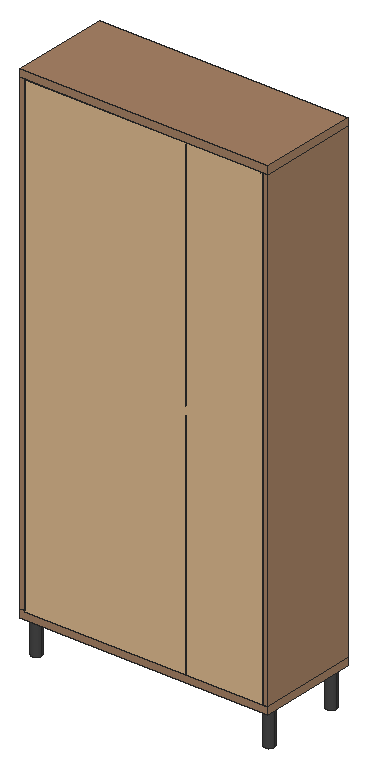
Revit family "88091a279406412fbce0a7fdf08b77ca", category Mobilier, Revit 2021
Family settings
  Hôte = Sol
  Toujours verticalement = Oui
  Couper avec des vides une fois chargée = Non
  Partagée = Non
  Point de calcul de pièce = Non
Parameters (values of type "1000mm x 400mm")
  URL = ""
  Model = ""
  Matériau des huisseries = Bois - Acajou
  Default Elevation = 0 mm
  Description = ""
  Pieds = Plastique - Noir
  Matériau d'étagère = Bois - Bouleau
  Manufacturer = ""
  Cost = 0
  Assembly Code = ""
Reference planes
  plane 1 "Centre (avant/arrière)": y = 0
  plane 2: z = 0
  plane 3 "Centre (gauche/droite)": x = 0
  plane 4: z = 1140
  plane 5: z = 1110
  plane 6: x = -150
  plane 7: x = -160
  plane 8: x = 170
  plane 9: x = 160
  plane 10: z = 1780
  plane 11: z = 1770
  plane 12: z = 1460
  plane 13: z = 1450
  plane 14: z = 790
  plane 15: z = 780
  plane 16: z = 460
  plane 17: z = 470
Forms (mm)
  Extrusion 1, solid, material "Bois - Acajou" <- "Matériau des huisseries"
    sketch origin (45.894, 0, 0) x (1, 0, 0) y (0, 1, 0)
      loop
        line (434.106, 208.575) -> (434.106, -191.425) -> (454.106, -191.425) -> (454.106, 208.575) -> (434.106, 208.575)
    from 170 to 2090
  Extrusion 2, solid, material "Bois - Acajou" <- "Matériau des huisseries"
    sketch origin (-934.106, 0, 0) x (1, 0, 0) y (0, 1, 0)
      loop
        line (434.106, 208.575) -> (434.106, -191.425) -> (454.106, -191.425) -> (454.106, 208.575) -> (434.106, 208.575)
    from 170 to 2090
  Extrusion 3, solid, material "Bois - Acajou" <- "Matériau des huisseries"
    sketch origin (45.894, 0, 0) x (1, 0, 0) y (0, 1, 0)
      loop
        line (-545.894, 208.575) -> (-545.894, -191.425) -> (454.106, -191.425) -> (454.106, 208.575) -> (-545.894, 208.575)
    from 140 to 170
  Extrusion 4, solid, material "Bois - Acajou" <- "Matériau des huisseries"
    sketch origin (45.894, 0, 0) x (1, 0, 0) y (0, 1, 0)
      loop
        line (-545.894, 208.575) -> (-545.894, -191.425) -> (454.106, -191.425) -> (454.106, 208.575) -> (-545.894, 208.575)
    from 2090 to 2120
  Extrusion 5, solid, material "Plastique - Noir" <- "Pieds"
    sketch origin (70.514, -4.341, 0) x (1, 0, 0) y (0, 1, 0)
      loop
        circle (398.427, -142.477) r 20
    from 0 to 140
  Extrusion 6, solid, material "Plastique - Noir" <- "Pieds"
    sketch origin (70.514, 24.341, 0) x (1, 0, 0) y (0, 1, 0)
      loop
        circle (398.427, 142.477) r 20
    from 0 to 140
  Extrusion 7, solid, material "Plastique - Noir" <- "Pieds"
    sketch origin (-70.514, -4.341, 0) x (-1, 0, 0) y (0, -1, 0)
      loop
        circle (398.427, 142.477) r 20
    from 0 to 140
  Extrusion 8, solid, material "Plastique - Noir" <- "Pieds"
    sketch origin (-70.514, 24.341, 0) x (-1, 0, 0) y (0, -1, 0)
      loop
        circle (398.427, -142.477) r 20
    from 0 to 140
  Extrusion 9, solid, material "Bois - Acajou" <- "Matériau des huisseries"
    sketch origin (45.894, 0, 0) x (1, 0, 0) y (0, 1, 0)
      loop
        line (-525.894, 208.575) -> (-525.894, -191.425) -> (434.106, -191.425) -> (434.106, 208.575) -> (-525.894, 208.575)
    from 1110 to 1140
  Extrusion 10, solid, material "Bois - Bouleau" <- "Matériau d'étagère"
    sketch origin (45.894, 0, 120) x (1, 0, 0) y (0, 1, 0)
      loop
        line (-205.894, 194.228) -> (-205.894, -191.425) -> (-195.894, -191.425) -> (-195.894, 194.228) -> (-205.894, 194.228)
    from 1020 to 1970
  Extrusion 11, solid, material "Bois - Bouleau" <- "Matériau d'étagère"
    sketch origin (365.894, 0, 120) x (1, 0, 0) y (0, 1, 0)
      loop
        line (-205.894, 194.228) -> (-205.894, -191.425) -> (-195.894, -191.425) -> (-195.894, 194.228) -> (-205.894, 194.228)
    from 1020 to 1970
  Extrusion 12, solid, material "Bois - Bouleau" <- "Matériau d'étagère"
    sketch origin (45.894, 0, -940) x (1, 0, 0) y (0, 1, 0)
      loop
        line (-205.894, 194.228) -> (-205.894, -191.425) -> (-195.894, -191.425) -> (-195.894, 194.228) -> (-205.894, 194.228)
    from 1110 to 2050
  Extrusion 13, solid, material "Bois - Bouleau" <- "Matériau d'étagère"
    sketch origin (365.894, 0, -940) x (1, 0, 0) y (0, 1, 0)
      loop
        line (-205.894, 194.228) -> (-205.894, -191.425) -> (-195.894, -191.425) -> (-195.894, 194.228) -> (-205.894, 194.228)
    from 1110 to 2050
  Extrusion 14, solid, material "Bois - Bouleau" <- "Matériau d'étagère"
    sketch origin (195.894, 0, 120) x (1, 0, 0) y (0, 1, 0)
      loop
        line (-25.894, 180) -> (-25.894, -186.276) -> (284.106, -186.276) -> (284.106, 180) -> (-25.894, 180)
    from 1650 to 1660
  Extrusion 15, solid, material "Bois - Bouleau" <- "Matériau d'étagère"
    sketch origin (-124.106, 0, 120) x (1, 0, 0) y (0, 1, 0)
      loop
        line (-25.894, 180) -> (-25.894, -186.276) -> (284.106, -186.276) -> (284.106, 180) -> (-25.894, 180)
    from 1650 to 1660
  Extrusion 16, solid, material "Bois - Bouleau" <- "Matériau d'étagère"
    sketch origin (-444.106, 0, 120) x (1, 0, 0) y (0, 1, 0)
      loop
        line (-25.894, 180) -> (-25.894, -186.276) -> (284.106, -186.276) -> (284.106, 180) -> (-25.894, 180)
    from 1650 to 1660
  Extrusion 17, solid, material "Bois - Bouleau" <- "Matériau d'étagère"
    sketch origin (195.894, 0, -200) x (1, 0, 0) y (0, 1, 0)
      loop
        line (-25.894, 180) -> (-25.894, -186.276) -> (284.106, -186.276) -> (284.106, 180) -> (-25.894, 180)
    from 1650 to 1660
  Extrusion 18, solid, material "Bois - Bouleau" <- "Matériau d'étagère"
    sketch origin (-124.106, 0, -200) x (1, 0, 0) y (0, 1, 0)
      loop
        line (-25.894, 180) -> (-25.894, -186.276) -> (284.106, -186.276) -> (284.106, 180) -> (-25.894, 180)
    from 1650 to 1660
  Extrusion 19, solid, material "Bois - Bouleau" <- "Matériau d'étagère"
    sketch origin (-444.106, 0, -200) x (1, 0, 0) y (0, 1, 0)
      loop
        line (-25.894, 180) -> (-25.894, -186.276) -> (284.106, -186.276) -> (284.106, 180) -> (-25.894, 180)
    from 1650 to 1660
  Extrusion 20, solid, material "Bois - Bouleau" <- "Matériau d'étagère"
    sketch origin (195.894, 0, -870) x (1, 0, 0) y (0, 1, 0)
      loop
        line (-25.894, 180) -> (-25.894, -186.276) -> (284.106, -186.276) -> (284.106, 180) -> (-25.894, 180)
    from 1650 to 1660
  Extrusion 21, solid, material "Bois - Bouleau" <- "Matériau d'étagère"
    sketch origin (-124.106, 0, -870) x (1, 0, 0) y (0, 1, 0)
      loop
        line (-25.894, 180) -> (-25.894, -186.276) -> (284.106, -186.276) -> (284.106, 180) -> (-25.894, 180)
    from 1650 to 1660
  Extrusion 22, solid, material "Bois - Bouleau" <- "Matériau d'étagère"
    sketch origin (-444.106, 0, -870) x (1, 0, 0) y (0, 1, 0)
      loop
        line (-25.894, 180) -> (-25.894, -186.276) -> (284.106, -186.276) -> (284.106, 180) -> (-25.894, 180)
    from 1650 to 1660
  Extrusion 23, solid, material "Bois - Bouleau" <- "Matériau d'étagère"
    sketch origin (195.894, 0, -1190) x (1, 0, 0) y (0, 1, 0)
      loop
        line (-25.894, 180) -> (-25.894, -186.276) -> (284.106, -186.276) -> (284.106, 180) -> (-25.894, 180)
    from 1650 to 1660
  Extrusion 24, solid, material "Bois - Bouleau" <- "Matériau d'étagère"
    sketch origin (-124.106, 0, -1190) x (1, 0, 0) y (0, 1, 0)
      loop
        line (-25.894, 180) -> (-25.894, -186.276) -> (284.106, -186.276) -> (284.106, 180) -> (-25.894, 180)
    from 1650 to 1660
  Extrusion 25, solid, material "Bois - Bouleau" <- "Matériau d'étagère"
    sketch origin (-444.106, 0, -1190) x (1, 0, 0) y (0, 1, 0)
      loop
        line (-25.894, 180) -> (-25.894, -186.276) -> (284.106, -186.276) -> (284.106, 180) -> (-25.894, 180)
    from 1650 to 1660
  Extrusion 26, solid, material "Bois - Bouleau" <- "Matériau d'étagère"
    sketch origin (-114.106, -3, 0) x (1, 0, 0) y (0, 1, 0)
      loop
        line (-365.894, -188.425) -> (-365.894, -191.425) -> (594.106, -191.425) -> (594.106, -188.425) -> (-365.894, -188.425)
    from 170 to 2090
Automatic sketch dimensions
  plane 3 "Centre (gauche/droite)" to Extrusion 1 sketch curve = 480 mm
  Extrusion 1 sketch curve to Extrusion 1 sketch curve = 20 mm
  plane 1 "Centre (avant/arrière)" to Extrusion 1 sketch curve = 191.425 mm
  Extrusion 1 sketch curve to plane 1 "Centre (avant/arrière)" = 208.575 mm
  plane 1 "Centre (avant/arrière)" to Extrusion 2 sketch curve = 191.425 mm
  Extrusion 2 sketch curve to plane 3 "Centre (gauche/droite)" = 500 mm
  Extrusion 2 sketch curve to Extrusion 2 sketch curve = 20 mm
  Extrusion 2 sketch curve to plane 1 "Centre (avant/arrière)" = 208.575 mm
  plane 1 "Centre (avant/arrière)" to Extrusion 3 sketch curve = 191.425 mm
  Extrusion 3 sketch curve to plane 3 "Centre (gauche/droite)" = 500 mm
  plane 3 "Centre (gauche/droite)" to Extrusion 3 sketch curve = 500 mm
  Extrusion 3 sketch curve to plane 1 "Centre (avant/arrière)" = 208.575 mm
  plane 1 "Centre (avant/arrière)" to Extrusion 4 sketch curve = 191.425 mm
  Extrusion 4 sketch curve to plane 3 "Centre (gauche/droite)" = 500 mm
  plane 3 "Centre (gauche/droite)" to Extrusion 4 sketch curve = 500 mm
  Extrusion 4 sketch curve to plane 1 "Centre (avant/arrière)" = 208.575 mm
  plane 3 "Centre (gauche/droite)" to Extrusion 5 sketch curve = 448.941 mm
  Extrusion 5 sketch curve to Extrusion 5 sketch curve = 20 mm
  plane 1 "Centre (avant/arrière)" to Extrusion 5 sketch curve = 146.819 mm
  plane 3 "Centre (gauche/droite)" to Extrusion 6 sketch curve = 448.941 mm
  Extrusion 6 sketch curve to Extrusion 6 sketch curve = 20 mm
  Extrusion 6 sketch curve to plane 1 "Centre (avant/arrière)" = 166.819 mm
  plane 1 "Centre (avant/arrière)" to Extrusion 7 sketch curve = 146.819 mm
  Extrusion 7 sketch curve to plane 3 "Centre (gauche/droite)" = 448.941 mm
  Extrusion 7 sketch curve to Extrusion 7 sketch curve = 20 mm
  Extrusion 8 sketch curve to plane 1 "Centre (avant/arrière)" = 166.819 mm
  Extrusion 8 sketch curve to plane 3 "Centre (gauche/droite)" = 448.941 mm
  Extrusion 8 sketch curve to Extrusion 8 sketch curve = 20 mm
  plane 1 "Centre (avant/arrière)" to Extrusion 9 sketch curve = 191.425 mm
  Extrusion 9 sketch curve to plane 3 "Centre (gauche/droite)" = 480 mm
  plane 3 "Centre (gauche/droite)" to Extrusion 9 sketch curve = 480 mm
  Extrusion 9 sketch curve to plane 1 "Centre (avant/arrière)" = 208.575 mm
  plane 7 to Extrusion 10 sketch curve = 0 mm
  plane 8 to Extrusion 10 sketch curve = 320 mm
  plane 1 "Centre (avant/arrière)" to Extrusion 10 sketch curve = 191.425 mm
  Extrusion 10 sketch curve to plane 1 "Centre (avant/arrière)" = 194.228 mm
  Extrusion 11 sketch curve to plane 9 = 0 mm
  Extrusion 11 sketch curve to plane 8 = 0 mm
  plane 1 "Centre (avant/arrière)" to Extrusion 11 sketch curve = 191.425 mm
  Extrusion 11 sketch curve to plane 1 "Centre (avant/arrière)" = 194.228 mm
  Extrusion 12 sketch curve to plane 7 = 0 mm
  Extrusion 12 sketch curve to plane 6 = 0 mm
  plane 1 "Centre (avant/arrière)" to Extrusion 12 sketch curve = 191.425 mm
  Extrusion 12 sketch curve to plane 1 "Centre (avant/arrière)" = 194.228 mm
  Extrusion 13 sketch curve to plane 9 = 0 mm
  Extrusion 13 sketch curve to plane 8 = 0 mm
  plane 1 "Centre (avant/arrière)" to Extrusion 13 sketch curve = 191.425 mm
  Extrusion 13 sketch curve to plane 1 "Centre (avant/arrière)" = 194.228 mm
  plane 3 "Centre (gauche/droite)" to Extrusion 14 sketch curve = 480 mm
  Extrusion 14 sketch curve to Extrusion 14 sketch curve = 310 mm
  plane 1 "Centre (avant/arrière)" to Extrusion 14 sketch curve = 186.276 mm
  Extrusion 14 sketch curve to plane 1 "Centre (avant/arrière)" = 180 mm
  Extrusion 15 sketch curve to Extrusion 15 sketch curve = 310 mm
  Extrusion 16 sketch curve to plane 7 = 0 mm
  plane 7 to Extrusion 16 sketch curve = 310 mm
  plane 1 "Centre (avant/arrière)" to Extrusion 16 sketch curve = 186.276 mm
  Extrusion 16 sketch curve to plane 1 "Centre (avant/arrière)" = 180 mm
  Extrusion 17 sketch curve to plane 8 = 0 mm
  Extrusion 17 sketch curve to Extrusion 17 sketch curve = 310 mm
  plane 1 "Centre (avant/arrière)" to Extrusion 17 sketch curve = 186.276 mm
  Extrusion 17 sketch curve to plane 1 "Centre (avant/arrière)" = 180 mm
  Extrusion 18 sketch curve to plane 6 = 0 mm
  Extrusion 18 sketch curve to plane 9 = 0 mm
  plane 1 "Centre (avant/arrière)" to Extrusion 18 sketch curve = 186.276 mm
  Extrusion 18 sketch curve to plane 1 "Centre (avant/arrière)" = 180 mm
  Extrusion 19 sketch curve to plane 7 = 0 mm
  plane 7 to Extrusion 19 sketch curve = 310 mm
  plane 1 "Centre (avant/arrière)" to Extrusion 19 sketch curve = 186.276 mm
  Extrusion 19 sketch curve to plane 1 "Centre (avant/arrière)" = 180 mm
  Extrusion 20 sketch curve to plane 8 = 0 mm
  Extrusion 20 sketch curve to Extrusion 20 sketch curve = 310 mm
  plane 1 "Centre (avant/arrière)" to Extrusion 20 sketch curve = 186.276 mm
  Extrusion 20 sketch curve to plane 1 "Centre (avant/arrière)" = 180 mm
  Extrusion 21 sketch curve to plane 6 = 0 mm
  Extrusion 21 sketch curve to plane 9 = 0 mm
  plane 1 "Centre (avant/arrière)" to Extrusion 21 sketch curve = 186.276 mm
  Extrusion 21 sketch curve to plane 1 "Centre (avant/arrière)" = 180 mm
  Extrusion 22 sketch curve to plane 7 = 0 mm
  plane 7 to Extrusion 22 sketch curve = 310 mm
  plane 1 "Centre (avant/arrière)" to Extrusion 22 sketch curve = 186.276 mm
  Extrusion 22 sketch curve to plane 1 "Centre (avant/arrière)" = 180 mm
  Extrusion 23 sketch curve to plane 8 = 0 mm
  Extrusion 23 sketch curve to Extrusion 23 sketch curve = 310 mm
  plane 1 "Centre (avant/arrière)" to Extrusion 23 sketch curve = 186.276 mm
  Extrusion 23 sketch curve to plane 1 "Centre (avant/arrière)" = 180 mm
  Extrusion 24 sketch curve to plane 6 = 0 mm
  Extrusion 24 sketch curve to plane 9 = 0 mm
  plane 1 "Centre (avant/arrière)" to Extrusion 24 sketch curve = 186.276 mm
  Extrusion 24 sketch curve to plane 1 "Centre (avant/arrière)" = 180 mm
  Extrusion 25 sketch curve to plane 7 = 0 mm
  plane 7 to Extrusion 25 sketch curve = 310 mm
  plane 1 "Centre (avant/arrière)" to Extrusion 25 sketch curve = 186.276 mm
  Extrusion 25 sketch curve to plane 1 "Centre (avant/arrière)" = 180 mm
  plane 8 to Extrusion 26 sketch curve = 650 mm
  Extrusion 26 sketch curve to Extrusion 26 sketch curve = 960 mm
  plane 1 "Centre (avant/arrière)" to Extrusion 26 sketch curve = 194.425 mm
  plane 1 "Centre (avant/arrière)" to Extrusion 26 sketch curve = 191.425 mm
